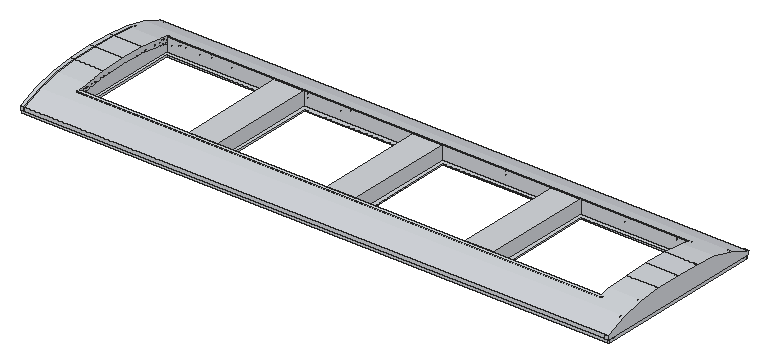
Revit family "Gira_0214728", category Electrical Fixtures, host Face, Revit 2017
Family settings
  Host = Face
  Maintain Annotation Orientation = No
  Round Connector Dimension = Use Diameter
  Part Type = Normal
  Cut with Voids When Loaded = No
  Shared = No
  Room Calculation Point = No
Parameters (values of type "Cov.fr. 4-g interm.fr. AN Gira Event Clear white")
  URL = "http://katalog.gira.de/en/datenblatt.html?artikelnr=0214728"
  Transparent = "No"
  Name = "Cov.fr. 4-g interm.fr. AN Gira Event Clear white"
  Manufacturer URL = "https://www.gira.de/"
  Manufacturer = "Gira"
  Label space/information surface = "No"
  Keynote = ""
  HeinzeBIM = "https://bimportal.heinze.de/bim/cov-fr-4-g-interm-fr-an-gira-event-clear-white/3befbab50d67cb81c98ed463012b8d75b693b778"
  HAN = "0214728"
  GTIN = "4010337068785"
  Description = "Cov.fr.4g i.fr.AN EvCl WH,Gira Event Clear cover frame,white with anthracite intermediate frame,4-gang,Features:,- Shatter-proof."
  Default Elevation = 1219.2 mm
  Data sheet (1) = "https://katalog.gira.de/en/download.html?artikelnr=0214728"
  Category = "Cover frame for domestic switching devices"
  BIM (1) = "https://media.stage.bim.site/public/gira/36a6b08/Event_Rahmen_4fach.rfa"
  Available = "No"
Reference planes
  plane 1 "Center (Front/Back)": y = 0
  plane 2: z = 0
  plane 3 "Center (Left/Right)": x = 0
Forms (mm)
  Extrusion 1, solid, detail levels fine
    sketch origin (0, 0, 0.05) x (0, 1, 0) y (0, 0, 1)
      loop
        arc (12.445, 9.683) -> (6.223, 9.833) -> (0, 9.85) r 291.636
        arc (0, 9.85) -> (-6.223, 9.833) -> (-12.445, 9.683) r 291.636
        arc (-12.445, 9.683) -> (-29.14, 7.482) -> (-45, 1.823) r 79.728
        line (-45, 1.823) -> (-45, -0.05) -> (-42.086, -0.05)
        arc (-42.086, -0.05) -> (-21.385, 5.559) -> (0, 7.206) r 114.424
        arc (0, 7.206) -> (21.385, 5.559) -> (42.086, -0.05) r 114.424
        line (42.086, -0.05) -> (45, -0.05) -> (45, 1.823)
        arc (45, 1.823) -> (29.14, 7.482) -> (12.445, 9.683) r 79.728
    from -151.95 to 151.935
  Extrusion 2, void, detail levels fine
    sketch origin (0, 0, 0) x (1, 0, 0) y (0, 1, 0)
      loop
        line (134.95, 28.035) -> (-134.95, 28.035) -> (-134.95, -28.035) -> (134.95, -28.035) -> (134.95, 28.035)
    from 0.724 to 11
  Extrusion 3, solid, detail levels coarse
    sketch origin (0, 0, 0) x (1, 0, 0) y (0, 1, 0)
      loop
        line (-151.95, 45) -> (-151.95, -45) -> (151.935, -45) -> (151.935, 45) -> (-151.95, 45)
    from -1.5 to 9.9
  Extrusion 4, solid, detail levels medium
    sketch origin (0, 0, 0.05) x (0, 1, 0) y (0, 0, 1)
      loop
        arc (12.445, 9.683) -> (6.223, 9.833) -> (0, 9.85) r 291.636
        arc (0, 9.85) -> (-6.223, 9.833) -> (-12.445, 9.683) r 291.636
        arc (-12.445, 9.683) -> (-29.14, 7.482) -> (-45, 1.823) r 79.728
        line (-45, 1.823) -> (-45, -0.05) -> (45, -0.05) -> (45, 1.823)
        arc (45, 1.823) -> (29.14, 7.482) -> (12.445, 9.683) r 79.728
    from -151.95 to 151.935
  Extrusion 5, solid, detail levels fine
    sketch origin (-106.95, 0, -1.5) x (0, 1, 0) y (0, 0, -1)
      loop
        line (45, -3.373) -> (45, -1.5) -> (-45, -1.5) -> (-45, -3.373)
        arc (-45, -3.373) -> (-29.14, -9.032) -> (-12.445, -11.233) r 79.728
        arc (-12.445, -11.233) -> (-6.223, -11.383) -> (0, -11.4) r 291.636
        arc (0, -11.4) -> (6.223, -11.383) -> (12.445, -11.233) r 291.636
        arc (12.445, -11.233) -> (29.14, -9.032) -> (45, -3.373) r 79.728
    from 43 to 45
  Extrusion 6, solid, detail levels fine
    sketch origin (0, 0, 0) x (1, 0, 0) y (0, 1, 0)
      loop
        line (-132.85, 25.7) -> (-132.85, -25.7) -> (-81.05, -25.7) -> (-81.05, 25.7) -> (-132.85, 25.7)
      loop
        line (-9.755, -25.7) -> (-9.755, 25.7) -> (-61.555, 25.7) -> (-61.555, -25.7) -> (-9.755, -25.7)
      loop
        line (-135.845, 28.49) -> (-135.845, -28.495)
        spline (-135.845, -28.495) -> (-135.836, -28.625) -> (-135.811, -28.754) -> (-135.769, -28.878) -> (-135.711, -28.995) -> (-135.638, -29.104) -> (-135.552, -29.202) -> (-135.454, -29.288) -> (-135.345, -29.361) -> (-135.228, -29.419) -> (-135.104, -29.461) -> (-134.975, -29.486) -> (-134.845, -29.495)
        line (-134.845, -29.495) -> (134.845, -29.495)
        spline (134.845, -29.495) -> (134.975, -29.486) -> (135.104, -29.461) -> (135.228, -29.419) -> (135.345, -29.361) -> (135.454, -29.288) -> (135.552, -29.202) -> (135.638, -29.104) -> (135.711, -28.995) -> (135.769, -28.878) -> (135.811, -28.754) -> (135.836, -28.625) -> (135.845, -28.495)
        line (135.845, -28.495) -> (135.845, 28.49)
        spline (135.845, 28.49) -> (135.836, 28.62) -> (135.811, 28.748) -> (135.769, 28.872) -> (135.711, 28.99) -> (135.638, 29.098) -> (135.552, 29.197) -> (135.454, 29.283) -> (135.345, 29.356) -> (135.228, 29.413) -> (135.104, 29.456) -> (134.975, 29.481) -> (134.845, 29.49)
        line (134.845, 29.49) -> (-134.845, 29.49)
        spline (-134.845, 29.49) -> (-134.975, 29.481) -> (-135.104, 29.456) -> (-135.228, 29.413) -> (-135.345, 29.356) -> (-135.454, 29.283) -> (-135.552, 29.197) -> (-135.638, 29.098) -> (-135.711, 28.99) -> (-135.769, 28.872) -> (-135.811, 28.748) -> (-135.836, 28.62) -> (-135.845, 28.49)
      loop
        line (61.545, -25.7) -> (61.545, 25.7) -> (9.745, 25.7) -> (9.745, -25.7) -> (61.545, -25.7)
      loop
        line (132.85, -25.7) -> (132.85, 25.7) -> (81.05, 25.7) -> (81.05, -25.7) -> (132.85, -25.7)
    from 0.1 to 7.3
  Extrusion 7, solid
    sketch origin (0, 0, 0) x (1, 0, 0) y (0, 1, 0)
      loop
        arc (-151.65, -44.218) -> (-151.504, -44.572) -> (-151.15, -44.718) r 0.5
        line (-151.15, -44.718) -> (151.15, -44.718)
        arc (151.15, -44.718) -> (151.504, -44.572) -> (151.65, -44.218) r 0.5
        line (151.65, -44.218) -> (151.65, 44.182)
        arc (151.65, 44.182) -> (151.504, 44.535) -> (151.15, 44.682) r 0.5
        line (151.15, 44.682) -> (-151.15, 44.682)
        arc (-151.15, 44.682) -> (-151.504, 44.535) -> (-151.65, 44.182) r 0.5
        line (-151.65, 44.182) -> (-151.65, -44.218)
      loop
        line (-149.95, 42.982) -> (-149.95, -43.018) -> (149.95, -43.018) -> (149.95, 42.982) -> (-149.95, 42.982)
    from -1.5 to 0.5
  Extrusion 8, solid, detail levels fine
    sketch origin (106.935, 0, -1.5) x (0, 1, 0) y (0, 0, 1)
      loop
        arc (45, 3.373) -> (29.14, 9.032) -> (12.445, 11.233) r 79.728
        arc (12.445, 11.233) -> (6.223, 11.383) -> (0, 11.4) r 291.636
        arc (0, 11.4) -> (-6.223, 11.383) -> (-12.445, 11.233) r 291.636
        arc (-12.445, 11.233) -> (-29.14, 9.032) -> (-45, 3.373) r 79.728
        line (-45, 3.373) -> (-45, 1.5) -> (45, 1.5) -> (45, 3.373)
    from 43 to 45
  Extrusion 9, solid, detail levels medium
    sketch origin (0, 0, 0) x (1, 0, 0) y (0, 1, 0)
      loop
        line (-151.65, -44.718) -> (151.65, -44.718) -> (151.65, 44.682) -> (-151.65, 44.682) -> (-151.65, -44.718)
    from -1.5 to 0.5
  Extrusion 10, solid, detail levels fine
    sketch origin (-69.857, 0, 0) x (1, 0, 0) y (0, 1, 0)
      loop
        line (-8.943, 28.063) -> (-8.943, -27.937) -> (6.057, -27.937) -> (6.057, 28.063) -> (-8.943, 28.063)
    from 0.724 to 7.566
  Extrusion 11, solid, detail levels fine
    sketch origin (-1.443, 0, 0) x (-1, 0, 0) y (0, -1, 0)
      loop
        line (-8.943, -28.063) -> (6.057, -28.063) -> (6.057, 27.937) -> (-8.943, 27.937) -> (-8.943, -28.063)
    from 0.724 to 7.566
  Extrusion 12, solid, detail levels fine
    sketch origin (69.857, 0, 0) x (-1, 0, 0) y (0, -1, 0)
      loop
        line (-8.943, -28.063) -> (6.057, -28.063) -> (6.057, 27.937) -> (-8.943, 27.937) -> (-8.943, -28.063)
    from 0.724 to 7.566
Cuts and joins
  Extrusion 2 cuts Extrusion 1
  Extrusion 2 cuts Extrusion 6
Dimensions and locks
  aligned and locked: plane 2 to host face
  aligned and locked: level to host face
